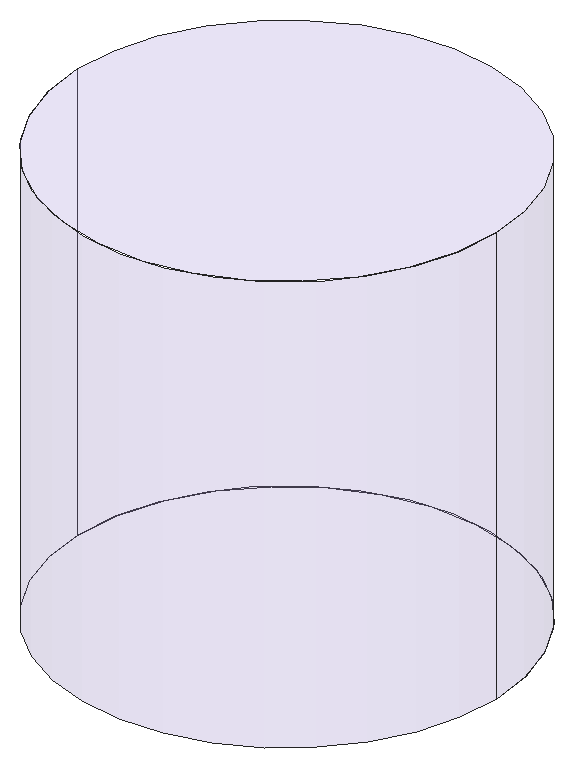
Revit family
Parameters
  반지름 [instance] = 4500 mm
  매스 재료 [instance] = 기본 매스
  높이 [instance] = 9000 mm
  Default Elevation = 1219.2 mm
Reference planes
  plane 1 "중심(앞/뒤)": y = 12.955
  plane 2: z = 0
  plane 3 "중심(왼쪽/오른쪽)": x = -30.261
  plane 4: y = 4512.955
  plane 5: x = 4469.739
  plane 6: y = -4487.045
  plane 7: x = -4530.261
  plane 8: z = 9000
Forms (mm)
  Extrusion 1, solid, material "기본 매스" <- "매스 재료"
    sketch origin (0, 0, 0) x (1, 0, 0) y (0, 1, 0)
      loop
        circle (-30.261, 12.955) r 4500
    from 0 to 9000
Dimensions and locks
  "반지름": plane 4 to plane 1 "중심(앞/뒤)"
  "반지름": plane 1 "중심(앞/뒤)" to plane 6
  "반지름": plane 3 "중심(왼쪽/오른쪽)" to plane 5
  "반지름": plane 7 to plane 3 "중심(왼쪽/오른쪽)"
  "높이": plane 8 to plane 2
  locked: plane 2 to level
  "반지름": radius of Extrusion 1 sketch curve
  aligned and locked: plane 8 to Extrusion 1
  aligned and locked: Extrusion 1 to plane 2
Automatic sketch dimensions
  Extrusion 1 sketch curve to plane 1 "중심(앞/뒤)" = 0 mm
  Extrusion 1 sketch curve to plane 3 "중심(왼쪽/오른쪽)" = 0 mm
